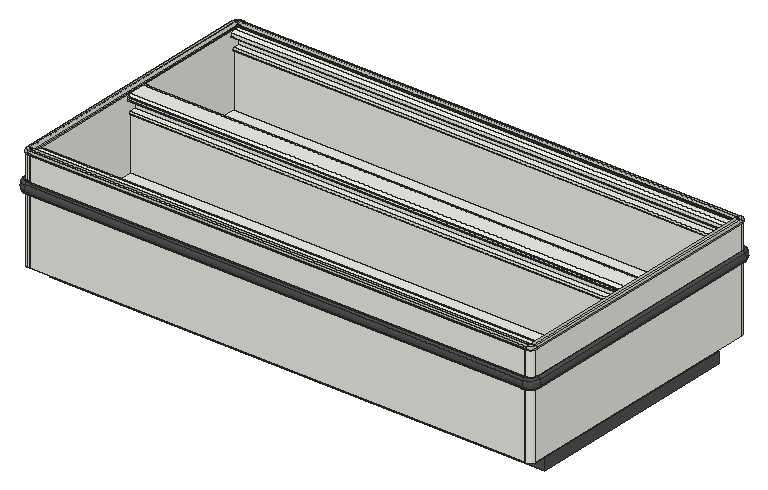
Revit family "FW_2014", category Specialty Equipment, Revit 2014 (continued)
Connectors (in)
  piping at (55.58001, -10.2109, 0), diameter 1.25, driven by "Waste Drain"
    settings: on Extrusion 1, index 8, connector inside diameter 1 1/4", connector length 0", flow factor 0, pipe flow 0 GPM, pressure drop 0.00 psi, fitting loss kfactor 0, connector angle 0.00°, fixture units 0, engagement length 0", angle of deflection 0.00°, flow configuration 0, flow direction 0, fitting loss method 0, system type 16, joint type 0, gender type 0, connector reference index -1, connector utility 0, adjustable connector no, is connector primary yes, connector description "1 1/4\""
  piping at (58.88051, -15.75, 0), diameter 0.625, driven by "Refrig. Suction", driven by "Refrigeration Lines Suction"
    settings: on Extrusion 2, index 9, connector inside diameter 7/8", connector length 0", flow factor 0, pipe flow 0 GPM, pressure drop 0.00 psi, fitting loss kfactor 0, connector angle 0.00°, fixture units 0, engagement length 0", angle of deflection 0.00°, flow configuration 0, flow direction 2, fitting loss method 0, system type 22, joint type 0, gender type 0, connector reference index -1, connector utility 0, adjustable connector no, is connector primary no, connector description ""
  piping at (59.38051, -15.75, 0), diameter 0.375, driven by "Refrig. Liquid", driven by "Refrigeration Lines Liquid"
    settings: on Extrusion 3, index 10, connector inside diameter 3/8", connector length 0", flow factor 0, pipe flow 0 GPM, pressure drop 0.00 psi, fitting loss kfactor 0, connector angle 0.00°, fixture units 0, engagement length 0", angle of deflection 0.00°, flow configuration 0, flow direction 1, fitting loss method 0, system type 22, joint type 0, gender type 0, connector reference index -1, connector utility 0, adjustable connector no, is connector primary no, connector description ""
  piping at (-65.69399, -10.2109, 0), diameter 1.25, driven by "Waste Drain"
    settings: on Extrusion 4, index 11, connector inside diameter 1 1/4", connector length 0", flow factor 0, pipe flow 0 GPM, pressure drop 0.00 psi, fitting loss kfactor 0, connector angle 0.00°, fixture units 0, engagement length 0", angle of deflection 0.00°, flow configuration 0, flow direction 0, fitting loss method 0, system type 16, joint type 0, gender type 0, connector reference index -1, connector utility 0, adjustable connector no, is connector primary no, connector description ""
  piping at (55.58001, -70.41406, 0), diameter 1.25, driven by "Waste Drain"
    settings: on Extrusion 31, index 12, connector inside diameter 1 1/4", connector length 0", flow factor 0, pipe flow 0 GPM, pressure drop 0.00 psi, fitting loss kfactor 0, connector angle 0.00°, fixture units 0, engagement length 0", angle of deflection 0.00°, flow configuration 0, flow direction 0, fitting loss method 0, system type 16, joint type 0, gender type 0, connector reference index -1, connector utility 0, adjustable connector no, is connector primary no, connector description ""
  piping at (58.88051, -64.875, 0), diameter 0.625, driven by "Refrig. Suction", driven by "Refrigeration Lines Suction"
    settings: on Extrusion 32, index 13, connector inside diameter 7/8", connector length 0", flow factor 0, pipe flow 0 GPM, pressure drop 0.00 psi, fitting loss kfactor 0, connector angle 0.00°, fixture units 0, engagement length 0", angle of deflection 0.00°, flow configuration 0, flow direction 2, fitting loss method 0, system type 22, joint type 0, gender type 0, connector reference index -1, connector utility 0, adjustable connector no, is connector primary no, connector description ""
  piping at (59.38051, -64.875, 0), diameter 0.375, driven by "Refrig. Liquid", driven by "Refrigeration Lines Liquid"
    settings: on Extrusion 33, index 14, connector inside diameter 3/8", connector length 0", flow factor 0, pipe flow 0 GPM, pressure drop 0.00 psi, fitting loss kfactor 0, connector angle 0.00°, fixture units 0, engagement length 0", angle of deflection 0.00°, flow configuration 0, flow direction 1, fitting loss method 0, system type 22, joint type 0, gender type 0, connector reference index -1, connector utility 0, adjustable connector no, is connector primary no, connector description ""
  piping at (-65.69399, -70.41406, 0), diameter 1.25, driven by "Waste Drain"
    settings: on Extrusion 34, index 15, connector inside diameter 1 1/4", connector length 0", flow factor 0, pipe flow 0 GPM, pressure drop 0.00 psi, fitting loss kfactor 0, connector angle 0.00°, fixture units 0, engagement length 0", angle of deflection 0.00°, flow configuration 0, flow direction 0, fitting loss method 0, system type 16, joint type 0, gender type 0, connector reference index -1, connector utility 0, adjustable connector no, is connector primary no, connector description ""
Definition of nested family "Floor Support_FW"
  Parameters (values of type "Floor Support_FW")
    Width = 4 1/4"
    URL = "www.hussmann.com"
    Type Comments = ""
    Revit Family Date = "06/25/2015"
    Model = ""
    Manufacturer = "Hussmann Corporation"
    Height = 5 1/2"
    Floor Support = Stainless Steel
    Description = ""
    Depth = 19.873"
    Assembly Code = ""
    Accessories/Options = ""
  Reference planes (in)
    plane 1 "Back": y = 0
    plane 2 "Bottom": z = 0
    plane 3 "Top": z = 5.5
    plane 4 "Left": x = -2.74449
    plane 5 "Right": x = 1.50551
    plane 6 "Front": y = -19.873
    plane 7 "Center (Left/Right)": x = -0.61949
    plane 8: y = -9.9365
  Forms (in)
    Extrusion 1, solid, material "Stainless Steel" <- "Floor Support"
      sketch origin (-0.61949, 0, 0) x (0, 1, 0) y (0, 0, 1)
        loop
          line (-1.59772, 0.39359) -> (-1.59772, 0) -> (0.002, 0) -> (0.002, 4.57701) -> (-0.29166, 4.57701) -> (-0.29166, 5.5) -> (-3.48723, 5.5) -> (-3.48723, 1.01436) -> (-2.55969, 1.01436) -> (-2.55969, 0.39359) -> (-1.59772, 0.39359)
      from 1.625 to -1.625
    Extrusion 2, solid, material "Stainless Steel" <- "Floor Support"
      sketch origin (-0.61949, 0, 0) x (0, 1, 0) y (0, 0, 1)
        loop
          line (-15.14175, 1.875) -> (-4.72925, 1.875) -> (-4.72925, 3.125) -> (-15.14175, 3.125) -> (-15.14175, 1.875)
      from 2.125 to -2.125
    Extrusion 3, solid, material "Stainless Steel" <- "Floor Support"
      sketch origin (-0.61949, 0, 2.781) x (0, 1, 0) y (0, 0, 1)
        loop
          line (-15.14175, 1.79601) -> (-4.72925, 1.79601) -> (-4.72925, 2.719) -> (-15.14175, 2.719) -> (-15.14175, 1.79601)
      from 2.125 to -2.125
    Extrusion 4, solid, material "Stainless Steel" <- "Floor Support"
      sketch origin (-0.61949, -4.25, 0) x (0, 1, 0) y (0, 0, 1)
        loop
          line (-0.47925, 1.01436) -> (0.76277, 1.01436) -> (0.76277, 5.5) -> (-0.47925, 5.5) -> (-0.47925, 1.01436)
      from 2.125 to -2.125
    Extrusion 5, solid, material "Stainless Steel" <- "Floor Support"
      sketch origin (-0.61949, -19.871, 0) x (0, -1, 0) y (0, 0, -1)
        loop
          line (-1.59772, -0.39359) -> (-2.55969, -0.39359) -> (-2.55969, -1.01436) -> (-3.48723, -1.01436) -> (-3.48723, -5.5) -> (-0.29166, -5.5) -> (-0.29166, -4.57701) -> (0.002, -4.57701) -> (0.002, 0) -> (-1.59772, 0) -> (-1.59772, -0.39359)
      from 1.625 to -1.625
    Extrusion 6, solid, material "Stainless Steel" <- "Floor Support"
      sketch origin (-0.61949, -15.621, 0) x (0, -1, 0) y (0, 0, -1)
        loop
          line (-0.47925, -1.01436) -> (-0.47925, -5.5) -> (0.76277, -5.5) -> (0.76277, -1.01436) -> (-0.47925, -1.01436)
      from 2.125 to -2.125
  Dimensions and locks (in)
    equal spacing: plane 4 "Left", plane 7 "Center (Left/Right)", plane 5 "Right"
    "Width": plane 4 "Left" to plane 5 "Right"
    "Depth": plane 6 "Front" to plane 1 "Back"
    "Height": plane 3 "Top" to level
    equal spacing: plane 6 "Front", plane 8, plane 1 "Back"
    aligned and locked: Extrusion 3 sketch curve to plane 3 "Top"
    aligned and locked: Extrusion 3 to Extrusion 2
    aligned and locked: Extrusion 2 to Extrusion 3
    aligned and locked: plane 5 "Right" to Extrusion 3
    aligned and locked: Extrusion 3 to plane 4 "Left"
    aligned and locked: Extrusion 2 to plane 4 "Left"
    aligned and locked: plane 5 "Right" to Extrusion 2
  Automatic sketch dimensions
    plane 3 "Top" to Extrusion 1 sketch curve = 0"
    Extrusion 1 sketch curve to level = 0"
    plane 1 "Back" to Extrusion 1 sketch curve = 3.48723"
    Extrusion 1 sketch curve to Extrusion 1 sketch curve = 0.92754"
    Extrusion 1 sketch curve to Extrusion 1 sketch curve = 0.96197"
    plane 1 "Back" to Extrusion 1 sketch curve = 0.29166"
    Extrusion 1 sketch curve to plane 1 "Back" = 0.002"
    level to Extrusion 1 sketch curve = 0.39359"
    Extrusion 1 sketch curve to Extrusion 1 sketch curve = 0.62077"
    plane 3 "Top" to Extrusion 1 sketch curve = 0.92299"
    plane 6 "Front" to Extrusion 2 sketch curve = 4.73125"
    plane 1 "Back" to Extrusion 2 sketch curve = 4.72925"
    level to Extrusion 2 sketch curve = 1 7/8"
    Extrusion 2 sketch curve to Extrusion 2 sketch curve = 1 1/4"
    plane 6 "Front" to Extrusion 3 sketch curve = 4.73125"
    plane 1 "Back" to Extrusion 3 sketch curve = 4.72925"
    plane 3 "Top" to Extrusion 3 sketch curve = 0.92299"
    plane 3 "Top" to Extrusion 4 sketch curve = 0"
    plane 1 "Back" to Extrusion 4 sketch curve = 4.72925"
    Extrusion 4 sketch curve to Extrusion 4 sketch curve = 1.24202"
    level to Extrusion 4 sketch curve = 1.01436"
    plane 3 "Top" to Extrusion 5 sketch curve = 0"
    Extrusion 5 sketch curve to level = 0"
    Extrusion 5 sketch curve to plane 6 "Front" = 0"
    Extrusion 5 sketch curve to plane 6 "Front" = 0.29366"
    Extrusion 5 sketch curve to Extrusion 5 sketch curve = 1.59972"
    Extrusion 5 sketch curve to level = 0.39359"
    Extrusion 5 sketch curve to Extrusion 5 sketch curve = 0.96197"
    Extrusion 5 sketch curve to Extrusion 5 sketch curve = 3.19558"
    Extrusion 5 sketch curve to Extrusion 5 sketch curve = 0.62077"
    Extrusion 5 sketch curve to plane 3 "Top" = 0.92299"
    plane 3 "Top" to Extrusion 6 sketch curve = 0"
    Extrusion 6 sketch curve to plane 6 "Front" = 4.73125"
    Extrusion 6 sketch curve to Extrusion 6 sketch curve = 1.24202"
    Extrusion 6 sketch curve to level = 1.01436"
Types (5): name | Width | Total Weight | Refrig. Suction | Refrig. Liquid | Number of Supports | Case Weight
  (no name) | 144 1/2" | 1750.00 lbf | "" | "" | 4 | 1600.00 lbf
  12'-0" Length | 144 1/2" | 1750.00 lbf | "" | "" | 4 | 1600.00 lbf
  8'-0" Length | 96 3/8" | 1550.00 lbf | "Suction" | "Liquid" | 3 | 1400.00 lbf
  6'-0" Length | 73 3/4" | 1350.00 lbf | "Suction" | "Liquid" | 3 | 1200.00 lbf
  4'-0" Length | 48 1/4" | 1150.00 lbf | "Suction" | "Liquid" | 2 | 1000.00 lbf
